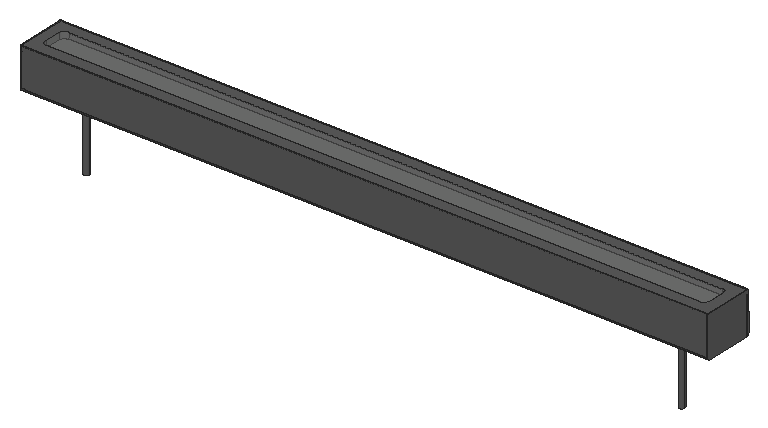
Revit family "Lighting_Linear_LED_StarTek_HydroBeam1", category Lighting Fixtures, host Face, Revit 2019
Family settings
  Host = Face
  Round Connector Dimension = Use Diameter
  Part Type = Normal
  OmniClass Number = 23.80.70.11
  OmniClass Title = Luminaries for Internal Lighting
  Cut with Voids When Loaded = No
  Light Source = Yes
  Shared = No
  Room Calculation Point = No
Parameters (values of type "Not a type - Load Type Catalog!")
  z_Start End Stem [instance] = or(z_Standalone, z_Start)  # yes
  z_Start [instance] = Run Option = z_Option Start  # no
  z_Standalone [instance] = Run Option = z_Option Standalone  # yes
  z_Option Start = Run : Start Fixture
  z_Option Standalone = Run : Standalone Fixture
  z_Option Middle = Run : Middle Fixture
  z_Option End = Run : End Fixture
  z_Middle [instance] = Run Option = z_Option Middle  # no
  z_Length 8 = Length = 96.00"  # no
  z_Length 6 [instance] = or(Length = 72.00", Length = 48.00", and(Length < 48.00", or(z_Middle, z_End)))  # no
  z_End [instance] = Run Option = z_Option End  # no
  z_EC [instance] = z_Array No 04 = 3  # no
  z_Array No 04 [instance] = if(and(Emergency Circuit – End Fixture, z_End, Mounting = [SM(E)]), 3, 2)  # 2
  z_Array No 03 [instance] = if(z_Middle, 2, if(and(z_End, Emergency Circuit – End Fixture), 3, if(z_End, 2, 3)))  # 3
  Z_Sweep Length [instance] = if(Mounting = [SM(S)], 1.41", 1.00")  # 1.00"
  Z_Sweep Angle [instance] = if(Mounting = [SM(S)], 0.00°, 90.00°)  # 90.00°
  Z_Connector Position V [instance] = if(Mounting = [SM(S)], 1.80", 1.79")  # 1.79"
  Z_Array No 2 [instance] = if(or(Length = 60.00", (Mounting = [SM(E)])), 3, 2)  # 3
  Z_Array No [instance] = if(or(Length = 60.00", not(Mounting = [SM(E)])), 3, 2)  # 3
  Width = 4.39844"  # constant formula
  Weight = 0.00 lbf
  Wattage Comments = "Efficacy up to 125 lm/W"
  Wattage = 28.9855 W
  Wall postion [instance] = 0.60"  # constant formula
  Wall [instance] = 0 = 1  # no
  Voltage Range = "120-277V"  # constant formula
  built-in parameter 1150110 = 1 (stored number, unit not read)
  Voltage = 120 V
  URL = "https://starteklightingamerica.com/hydro-beam/"
  Type Comments = "Linear Lighting Fixture"  # constant formula
  built-in parameter 1114217 = 1 (stored number, unit not read)
  Tilt Angle [instance] = 90.00°  # constant formula
  built-in parameter 1150109 = 1 (stored number, unit not read)
  built-in parameter 1150134 = (empty or 0)
  built-in parameter 1150113 = 1 (stored number, unit not read)
  SME [instance] = if(Mounting = [SM(E)], 1 < 2, 2 < 1)  # no
  SM(T) = Surface Mounting : Surface Mount (Top-fed power) - SM(T)
  SM(S) = Surface Mounting : Surface Mount (Side-fed power) - SM(S)
  SM(E) = Surface Mounting : Surface Mount (End-fed power) - SM(E)
  Run Option [instance] = Run : Standalone Fixture
  Product data url = "https://www.bimobject.com/startek-lighting/product/hydrobeam"
  Product Material [instance] = StarTek Lighting - Aluminum - Powder Coat Black
  Power Factor = 0.93
  Photometric Web File = "Generic Light Source Shown : Please download and link the IES file that best matches your fixture specification"
  Photometric Note = "Import IES files https://starteklightingamerica.com/"  # constant formula
  Phase = 1
  Number of Poles = 1
  Mounting [instance] = Rigid Stem (RS) : 6"
  Mount Finish Note [instance] = "Rigid stem mount can be ordered in white (RSW) or black (RSB)"  # constant formula
  Mount Finish [instance] = StarTek Lighting - Aluminum - Powder Coat Black
  Model = ""
  Mep Distance Y [instance] = if(Ceiling, 0.00", 1.80078")  # 0.00"
  Manufacturer = "StarTek Lighting"  # constant formula
  Pendant distance [instance] = Length / 2 - 4.00"  # 26.00"
  MEP Distance [instance] = if(and(z_End, Length < 96.00"), Length / 2, if(Wall, Length / 2, if(or(Mounting = [SM(T)], Mounting = [SM(S)], Mounting = [SM(E)]), Length / 2, if(and(z_End, Length = 96.00"), Length / 3, Length - 4.00"))))  # 56.00"
  built-in parameter 1150105 = 318.31 (stored number, unit not read)
  Lumens = 4000 lm
  built-in parameter 1150115 = 1 (stored number, unit not read)
  Light Position [instance] = if(or(Mounting = [SM(T)], Mounting = [SM(E)], Mounting = [SM(S)]), 3.60", Tube length parameter + 3.60")  # 9.60"
  built-in parameter 1150137 = (empty or 0)
  built-in parameter 1150139 = (empty or 0)
  Length = 60.00"
  built-in parameter 1150112 = 1 (stored number, unit not read)
  built-in parameter 1150114 = 1 (stored number, unit not read)
  Lamp = "LED"  # constant formula
  Keynote = "16500"  # constant formula
  Input Wattage = 36 W
  built-in parameter 1150132 = 2
  built-in parameter 1150102 = (empty or 0)
  built-in parameter 1150107 = 3500 (stored number, unit not read)
  built-in parameter 1150138 = (empty or 0)
  built-in parameter 1150106 = 3.1831 (stored number, unit not read)
  Height = 3.60156"  # constant formula
  Frequency = 60 Hz
  Emergency Circuit – End Fixture [instance] = no
  Distribution = "SD"
  Description = "HydroBeam"  # constant formula
  Emit from Rectangle Width [instance] = 4.00"  # constant formula
  Emit from Rectangle Length [instance] = Length  # 60.00"
  Emit Shape Visible in Rendering = 2 < 1  # no
  built-in parameter 1150104 = 12.821 (stored number, unit not read)
  Dimming Lamp Color Temperature Shift = <None>
  Default Elevation = 48.00"
  Tube length parameter [instance] = if(Mounting = B6, 6.00", if(Mounting = B8, 8.00", if(Mounting = B9, 9.00", if(Mounting = B12, 12.00", if(Mounting = B15, 15.00", if(Mounting = B18, 18.00", if(Mounting = B21, 21.00", if(Mounting = B24, 24.00", if(Mounting = B27, 27.00", if(Mounting = B30, 30.00", if(Mounting = B36, 36.00", if(Mounting = B42, 42.00", if(Mounting = B48, 48.00", if(Mounting = B54, 54.00", if(Mounting = B60, 60.00", if(Mounting = B66, 66.00", if(Mounting = B72, 72.00", if(Mounting = B78, 78.00", if(Mounting = B84, 84.00", if(Mounting = B90, 90.00", if(Mounting = B96, 96.00", if(or(Mounting = [SM(T)], Mounting = [SM(E)], Mounting = [SM(S)]), 0.00", 10.00"))))))))))))))))))))))  # 6.00"
  Color Filter = 16777215
  Color [instance] = "Available options: Powder Coat White (PW), Powder Coat Black (PB), Powder Coat Bronze (PBR), Powder Coat Other (PBO)"  # constant formula
  Ceiling [instance] = 0 = 0  # yes
  CRI = "80"
  built-in parameter 1114218 = 1 (stored number, unit not read)
  B96 = Rigid Stem (RS) : 96"
  B90 = Rigid Stem (RS) : 90"
  B9 = Rigid Stem (RS) : 9"
  B84 = Rigid Stem (RS) : 84"
  B8 = Rigid Stem (RS) : 8"
  B78 = Rigid Stem (RS) : 78"
  B72 = Rigid Stem (RS) : 72"
  B66 = Rigid Stem (RS) : 66"
  B60 = Rigid Stem (RS) : 60"
  B6 = Rigid Stem (RS) : 6"
  B54 = Rigid Stem (RS) : 54"
  B48 = Rigid Stem (RS) : 48"
  B42 = Rigid Stem (RS) : 42"
  B36 = Rigid Stem (RS) : 36"
  B30 = Rigid Stem (RS) : 30"
  B27 = Rigid Stem (RS) : 27"
  B24 = Rigid Stem (RS) : 24"
  B21 = Rigid Stem (RS) : 21"
  B18 = Rigid Stem (RS) : 18"
  B15 = Rigid Stem (RS) : 15"
  B12 = Rigid Stem (RS) : 12"
  built-in parameter 1150133 = 10 (stored number, unit not read)
  Assembly Code = "D5020200"
  Apparent Load = Input Wattage / (Number of Poles * Power Factor)  # 38.7097 VA
Reference planes (in)
  plane 1 "Center (Front/Back)": y = 0
  plane 2: z = 0
  plane 3 "Center (Left/Right)": x = 0
  plane 4 "Lighting": z = 6
  plane 5: x = -26
  plane 6: z = 9.6
  plane 7: x = 26
  plane 8: z = 0.6
  plane 9 "Lighting Y": y = 3.59976
  plane 10: z = 1.6
  plane 11: y = 4.34976
  plane 12: y = -0.75
  plane 13: x = -9.5
  plane 14: x = -8
  plane 15: x = 9.5
  plane 16: x = 8
  plane 17 "mep": x = -31
  plane 18 "mep y": y = 0
  plane 19: z = 1.79
  plane 20: z = 7.8
  plane 21: x = -30
  plane 22: x = 30
  plane 23 "add 1": x = 2
  plane 24 "add 2": x = -2
  plane 25: x = -26
  plane 26: z = 1.8
Forms (in)
  Sweep 1, solid, not visible
    path origin (0, 0, 0) x (0, 1, 0) y (0, 0, 1)
      loop
        line (0, 1.79) -> (0, 0.79)
    profile origin (0, 0, 1.29) x (1, 0, 0) y (0, 1, 0)
      loop
        circle (-26, 0) r 0.6
Lines and regions (in)
  Masking region 1, not visible
    outline origin (0, 0, 0) x (1, 0, 0) y (0, 0, 1)
      loop
        line (-9.5, 0.6) -> (-9.5, 0) -> (9.5, 0) -> (9.5, 0.6) -> (8, 0.6) -> (8, 1.6) -> (-8, 1.6) -> (-8, 0.6) -> (-9.5, 0.6)
  Masking region 2, not visible
    outline origin (0, 0, 0) x (1, 0, 0) y (0, 0, 1)
      loop
        line (-26.53147, 0.6) -> (-26.53147, 0) -> (26.53147, 0) -> (26.53147, 0.6) -> (-26.53147, 0.6)
Dimensions and locks (in)
  "Tube length parameter": plane 4 "Lighting" to plane 2
  "Pendant distance": plane 3 "Center (Left/Right)" to plane 5
  plane 4 "Lighting" to level = 6.00"
  "Light Position": plane 6 to plane 2
  "Pendant distance": plane 3 "Center (Left/Right)" to plane 7
  locked: plane 9 "Lighting Y" to plane 1 "Center (Front/Back)" at 3.59976
  "Wall postion": plane 8 to plane 2
  locked: plane 10 to plane 2 at 1.6
  locked: plane 13 to plane 14 at 1.5
  locked: plane 15 to plane 16 at 1.5
  equal spacing: plane 13, plane 3 "Center (Left/Right)", plane 15
  "Mep Distance Y": plane 18 "mep y" to plane 1 "Center (Front/Back)"
  "Z_Connector Position V": plane 19 to plane 2
  "Z_Sweep Length": Sweep 1 sketch curve to Sweep 1 sketch curve
  plane 20 to plane 4 "Lighting" = 1.80"
  locked: plane 5 to Masking region 2 sketch curve at 0.53147
  locked: plane 7 to Masking region 2 sketch curve at 0.53147
  equal spacing: plane 21, plane 3 "Center (Left/Right)", plane 22
  "Length": plane 21 to plane 22
  locked: plane 21 to plane 23 "add 1" at 32
  locked: plane 24 "add 2" to plane 22 at 32
  "MEP Distance": Sweep 1 sketch curve to plane 22
  equal spacing: group 1, group 2, group 3  (x3)
  "MEP Distance": plane 22 to plane 25
  locked: plane 25 to plane 17 "mep" at 5
  plane 26 to plane 2 = 1.80"
  "Z_Sweep Angle": angle Sweep 1 sketch curve to plane 19
  aligned and locked: plane 2 to host face
  aligned and locked: level to host face
  aligned and locked: plane 1 "Center (Front/Back)" to nested 3
  aligned and locked: imposter light to plane 6
  aligned and locked: plane 5 to nested 2
  aligned and locked: nested 1 to plane 7
  aligned and locked: plane 3 "Center (Left/Right)" to nested 3
  aligned and locked: plane 19 to Sweep 1 sketch curve
  aligned and locked: plane 18 "mep y" to Sweep 1 sketch curve
  aligned and locked: nested 4 to plane 17 "mep"
  aligned and locked: Masking region 1 sketch curve to plane 13
  aligned and locked: plane 14 to Masking region 1 sketch curve
  aligned and locked: plane 15 to Masking region 1 sketch curve
  aligned and locked: Masking region 1 sketch curve to plane 16
  aligned and locked: Masking region 1 sketch curve to plane 10
  aligned and locked: Masking region 1 sketch curve to plane 8
  aligned and locked: plane 8 to Masking region 1 sketch curve
  aligned and locked: Masking region 1 sketch curve to plane 2
  aligned and locked: plane 24 "add 2" to nested 5
  aligned and locked: plane 23 "add 1" to nested 6
  aligned and locked: plane 1 "Center (Front/Back)" to nested 2
  aligned and locked: plane 1 "Center (Front/Back)" to nested 5
  aligned and locked: plane 1 "Center (Front/Back)" to nested 6
  aligned and locked: plane 1 "Center (Front/Back)" to nested 1
  aligned and locked: plane 3 "Center (Left/Right)" to nested 7
  aligned and locked: nested 9 to plane 25
  aligned and locked: plane 1 "Center (Front/Back)" to imposter light
  aligned and locked: plane 3 "Center (Left/Right)" to imposter light
Automatic sketch dimensions
  host sketch curve to host sketch curve = 73.66986"
  host sketch curve to host sketch curve = 97.5302"
  Masking region 2 sketch curve to level = 0.00"
  Masking region 2 sketch curve to plane 8 = 0.00"
  profile plane to Sweep 1 sketch curve = 0.00"
  radius of Sweep 1 sketch curve = 0.60"
Nested families (in)
  nested 1: "Rigid Stem (RS)" at (26, 0, 0), type <- "Mounting", visible <- "z_Start End Stem", type "6""
    with Tube length 6.00"
  nested 2: "Rigid Stem (RS)" at (-26, 0, 0), type <- "Mounting", visible <- "z_Start End Stem", type "6""
    with Tube length 6.00"
  nested 3: "Run" at (0, 0, 6), visible <- "Ceiling", type "Standalone Fixture"
    with z_Right Cap yes, z_Left Cap yes, Wall no, Ceiling yes, Length 60.00"
  nested 4: "Connector" at (-31, 0, 1.79) x (-1, 0, 0) z (0, 0, 1), Length <- "Length", SME <- "SME", C <- "Z_Sweep Length", Emergency Circuit <- "z_EC", type "Connector"
    with SME no, Length 60.00", Emergency Circuit no, C 1.00", B 0.3937", Angle 270.00°, A 1.3937"
  nested 5: "Rigid Stem (RS)" at (-2, 0, 0), type <- "Mounting", visible <- "z_Length 8", type "6""
    with Tube length 6.00"
  nested 6: "Rigid Stem (RS)" at (2, 0, 0), type <- "Mounting", visible <- "z_Length 8", type "6""
    with Tube length 6.00"
  nested 7: "Rigid Stem (RS)" at (0, 0, 0), type <- "Mounting", visible <- "z_Length 6", type "6""
    with Tube length 6.00"
  nested 8: "Connector" at (-28.5, 0, 1.79) x (-1, 0, 0) z (0, 0, 1), Length <- "Length", SME <- "SME", C <- "Z_Sweep Length", Emergency Circuit <- "z_EC", type "Connector"
    with SME no, Length 60.00", Emergency Circuit no, C 1.00", B 0.3937", Angle 270.00°, A 1.3937"
  nested 9: "Connector" at (-26, 0, 1.79) x (-1, 0, 0) z (0, 0, 1), Length <- "Length", SME <- "SME", C <- "Z_Sweep Length", Emergency Circuit <- "z_EC", type "Connector"
    with SME no, Length 60.00", Emergency Circuit no, C 1.00", B 0.3937", Angle 270.00°, A 1.3937"
Connectors (in)
  electrical at (-26, 0, 0.0026), driven by "Number of Poles", driven by "Voltage", driven by "Apparent Load", driven by "Power Factor"
    settings: on nested 9, index 2, voltage 120 V, apparent load 38.7097 VA, apparent load phase1 0 VA, apparent load phase2 0 VA, apparent load phase3 0 VA, power factor 0.93, load classification "Other", number of poles 1, system type 30, power factor state 1, is connector primary yes, connector utility no, sub classification motor no, connector description "Power Supply"
Definition of nested family "Rigid Stem (RS)"
  Parameters (values of type "PMB-Black 12"")
    Default Elevation = 48.00"
    Tube material = none
    Tube length [instance] = 12.00"
    Canopy = yes
  Types (42): name | Tube length
    PMB-Black 96" | 96.00"
    PMB-Black 84" | 84.00"
    PMB-Black 72" | 72.00"
    PMB-Black 66" | 66.00"
    PMB-Black 60" | 60.00"
    PMB-Black 54" | 54.00"
    PMB-Black 48" | 48.00"
    PMB-Black 42" | 42.00"
    PMB-Black 36" | 36.00"
    PMB-Black 30" | 30.00"
    PMB-Black 27" | 27.00"
    PMB-Black 21" | 21.00"
    PMB-Black 18" | 18.00"
    PMB-Black 15" | 15.00"
    PMB-Black 12" | 12.00"
    PMB-Black 8" | 8.00"
    PMB-Black 6" | 6.00"
    PMW-White 6" | 8.00"
    PMW-White 8" | 8.00"
    PMW-White 12" | 12.00"
    PMW-White 15" | 15.00"
    PMW-White 18" | 18.00"
    PMW-White 21" | 21.00"
    PMW-White 27" | 27.00"
    PMW-White 30" | 30.00"
    PMW-White 36" | 36.00"
    PMW-White 42" | 42.00"
    PMW-White 48" | 48.00"
    PMW-White 54" | 54.00"
    PMW-White 60" | 60.00"
    PMW-White 66" | 66.00"
    PMW-White 72" | 72.00"
    PMW-White 84" | 84.00"
    PMW-White 96" | 96.00"
    PMB-Black 9" | 9.00"
    PMB-Black 24" | 24.00"
    PMB-Black 78" | 78.00"
    PMB-Black 90" | 90.00"
    PMW-White 9" | 9.00"
    PMW-White 24" | 24.00"
    PMW-White 78" | 78.00"
    PMW-White 90" | 90.00"
  Reference planes (in)
    plane 1 "Center (Front/Back)": y = 0
    plane 2: z = 0
    plane 3 "Center (Left/Right)": x = 0
    plane 4 "canopy plane": z = 12
  Forms (in)
    Extrusion 1, solid, material <- "Tube material"
      sketch origin (0, 0, 0) x (1, 0, 0) y (0, 1, 0)
        loop
          circle (0, 0) r 0.25
      from 0 to 12
    Extrusion 2, solid, material <- "Tube material", visible <- "Canopy", not visible
      sketch origin (0, 0, 36) x (-1, 0, 0) y (0, -1, 0)
        loop
          circle (0, 0) r 2.5
      from 0 to -0.19141
  Dimensions and locks (in)
    "Tube length": plane 4 "canopy plane" to plane 2
    diameter of Extrusion 1 sketch curve = 0.50"
    aligned and locked: plane 2 to level
    aligned and locked: plane 4 "canopy plane" to Extrusion 1
  Automatic sketch dimensions
    plane 1 "Center (Front/Back)" to Extrusion 1 sketch curve = 0.00"
    Extrusion 1 sketch curve to plane 3 "Center (Left/Right)" = 0.00"
    radius of Extrusion 2 sketch curve = 2.50"
Definition of nested family "Run"
  Parameters (values of type "Standalone Fixture")
    z_Start = no
    z_Standalone = not(or(z_Start, z_Middle, z_End))  # yes
    z_Right Cap [instance] = or(z_Standalone, z_End)  # yes
    z_Middle = no
    z_Left Cap [instance] = or(z_Standalone, z_Start)  # yes
    z_End = no
    Wall [instance] = yes
    Length = 48.00"
    Lamp Finish = none
    Default Elevation = 48.00"
    Ceiling [instance] = no
  Types (4): name
    Standalone Fixture
    End Fixture
    Middle Fixture
    Start Fixture
  Reference planes (in)
    plane 1 "Center (Front/Back)": y = 0
    plane 2: z = 0
    plane 3 "Center (Left/Right)": x = 0
    plane 4: x = -24
    plane 5: x = 24
  Forms (in)
    Extrusion 1, solid
      sketch origin (0, 0, 0) x (1, 0, 0) y (0, 1, 0)
        loop
          line (-48, 48) -> (-48, -48) -> (48, -48) -> (48, 48) -> (-48, 48)
      from 0 to -12
    Extrusion 2, solid, material <- "Lamp Finish", detail levels coarse
      sketch origin (0, 0, 0) x (0, 1, 0) y (0, 0, 1)
        loop
          line (-2.2, 3.59976) -> (-2.2, 0) -> (2.2, 0) -> (2.2, 3.59976) -> (-2.2, 3.59976)
      from -24 to 24
    Extrusion 3, solid, material <- "Lamp Finish", detail levels medium
      sketch origin (0, 0, 0) x (0, 1, 0) y (0, 0, 1)
        loop
          line (2.2, 3.59976) -> (-2.2, 3.59976) -> (-2.2, 0.2)
          arc (-2.2, 0.2) -> (-2.14142, 0.05858) -> (-2, 0) r 0.2
          line (-2, 0) -> (2, 0)
          arc (2, 0) -> (2.14142, 0.05858) -> (2.2, 0.2) r 0.2
          line (2.2, 0.2) -> (2.2, 3.59976)
      from -24 to 24
    Extrusion 4, solid, material <- "Lamp Finish", detail levels medium
      sketch origin (0, 0, 0) x (1, 0, 0) y (0, 1, 0)
        loop
          line (-23.95737, 2.175) -> (-23.95737, -2.175) -> (23.9737, -2.175) -> (23.9737, 2.175) -> (-23.95737, 2.175)
        loop
          arc (-23, -0.7) -> (-22.85355, -1.05355) -> (-22.5, -1.2) r 0.5
          line (-22.5, -1.2) -> (22.5, -1.2)
          arc (22.5, -1.2) -> (22.85355, -1.05355) -> (23, -0.7) r 0.5
          line (23, -0.7) -> (23, 0.7)
          arc (23, 0.7) -> (22.85355, 1.05355) -> (22.5, 1.2) r 0.5
          line (22.5, 1.2) -> (-22.5, 1.2)
          arc (-22.5, 1.2) -> (-22.85355, 1.05355) -> (-23, 0.7) r 0.5
          line (-23, 0.7) -> (-23, -0.7)
      from 3.09976 to 3.59976
    Extrusion 5, solid, detail levels medium+fine
      sketch origin (0, 0, 0) x (1, 0, 0) y (0, 1, 0)
        loop
          arc (-22.5, 1.2) -> (-22.85355, 1.05355) -> (-23, 0.7) r 0.5
          line (-23, 0.7) -> (-23, -0.7)
          arc (-23, -0.7) -> (-22.85355, -1.05355) -> (-22.5, -1.2) r 0.5
          line (-22.5, -1.2) -> (22.5, -1.2)
          arc (22.5, -1.2) -> (22.85355, -1.05355) -> (23, -0.7) r 0.5
          line (23, -0.7) -> (23, 0.7)
          arc (23, 0.7) -> (22.85355, 1.05355) -> (22.5, 1.2) r 0.5
          line (22.5, 1.2) -> (-22.5, 1.2)
      from 3.09976 to 3.59976
    Extrusion 6, void
      sketch origin (0, 0, 0) x (1, 0, 0) y (0, 1, 0)
        loop
          line (23.99074, 2.19219) -> (-23.99333, 2.19219) -> (-23.99333, -2.19219) -> (23.99074, -2.19219) -> (23.99074, 2.19219)
      from 3.09976 to 3.59976
    Extrusion 7, solid, material <- "Lamp Finish", detail levels fine
      sketch origin (0, 0, 0) x (1, 0, 0) y (0, 1, 0)
        loop
          line (-23.95737, 2.08125) -> (-23.95737, -2.08174)
          arc (-23.95737, -2.08174) -> (-23.93005, -2.14769) -> (-23.86411, -2.175) r 0.09326
          line (-23.86411, -2.175) -> (23.87995, -2.175)
          arc (23.87995, -2.175) -> (23.94624, -2.14754) -> (23.9737, -2.08125) r 0.09375
          line (23.9737, -2.08125) -> (23.9737, 2.08125)
          arc (23.9737, 2.08125) -> (23.94624, 2.14754) -> (23.87995, 2.175) r 0.09375
          line (23.87995, 2.175) -> (-23.86362, 2.175)
          arc (-23.86362, 2.175) -> (-23.92991, 2.14754) -> (-23.95737, 2.08125) r 0.09375
        loop
          arc (-23, -0.7) -> (-22.85355, -1.05355) -> (-22.5, -1.2) r 0.5
          line (-22.5, -1.2) -> (22.5, -1.2)
          arc (22.5, -1.2) -> (22.85355, -1.05355) -> (23, -0.7) r 0.5
          line (23, -0.7) -> (23, 0.7)
          arc (23, 0.7) -> (22.85355, 1.05355) -> (22.5, 1.2) r 0.5
          line (22.5, 1.2) -> (-22.5, 1.2)
          arc (-22.5, 1.2) -> (-22.85355, 1.05355) -> (-23, 0.7) r 0.5
          line (-23, 0.7) -> (-23, -0.7)
      from 3.09976 to 3.59976
    Extrusion 8, solid, material <- "Lamp Finish", detail levels fine
      sketch origin (0, 0, 0) x (0, 1, 0) y (0, 0, 1)
        loop
          line (2.2, 3.59976) -> (-2.2, 3.59976) -> (-2.2, 0.2)
          arc (-2.2, 0.2) -> (-2.14142, 0.05858) -> (-2, 0) r 0.2
          line (-2, 0) -> (2, 0)
          arc (2, 0) -> (2.14142, 0.05858) -> (2.2, 0.2) r 0.2
          line (2.2, 0.2) -> (2.2, 3.59976)
      from -24 to 24
    Extrusion 9, void
      sketch origin (0, 0, 0) x (1, 0, 0) y (0, 1, 0)
        loop
          arc (-23.90625, 2.2) -> (-23.97254, 2.17254) -> (-24, 2.10625) r 0.09375
          line (-24, 2.10625) -> (-24, -2.10625)
          arc (-24, -2.10625) -> (-23.97254, -2.17254) -> (-23.90625, -2.2) r 0.09375
          line (-23.90625, -2.2) -> (23.90625, -2.2)
          arc (23.90625, -2.2) -> (23.97254, -2.17254) -> (24, -2.10625) r 0.09375
          line (24, -2.10625) -> (24, 2.10625)
          arc (24, 2.10625) -> (23.97254, 2.17254) -> (23.90625, 2.2) r 0.09375
          line (23.90625, 2.2) -> (-23.90625, 2.2)
        loop
          line (-24.45438, 2.52395) -> (-24.45438, -2.47605) -> (24.54562, -2.47605) -> (24.54562, 2.52395) -> (-24.45438, 2.52395)
      from 0 to 4.88308
    Extrusion 10, void
      sketch origin (0, 0, 0) x (1, 0, 0) y (0, 1, 0)
        loop
          arc (-23.89958, 2.19219) -> (-23.96587, 2.16473) -> (-23.99333, 2.09844) r 0.09375
          line (-23.99333, 2.09844) -> (-23.99333, -2.09893)
          arc (-23.99333, -2.09893) -> (-23.96602, -2.16487) -> (-23.90007, -2.19219) r 0.09326
          line (-23.90007, -2.19219) -> (23.89699, -2.19219)
          arc (23.89699, -2.19219) -> (23.96328, -2.16473) -> (23.99074, -2.09844) r 0.09375
          line (23.99074, -2.09844) -> (23.99074, 2.09844)
          arc (23.99074, 2.09844) -> (23.96328, 2.16473) -> (23.89699, 2.19219) r 0.09375
          line (23.89699, 2.19219) -> (-23.89958, 2.19219)
      from 3.09976 to 5.66778
    Extrusion 11, solid, material <- "Lamp Finish", visible <- "z_Left Cap", detail levels medium+fine
      sketch origin (-24, 60, 48) x (0, 1, 0) y (0, 0, 1)
        loop
          line (-57.8, -47.8) -> (-57.8, -44.40024) -> (-62.2, -44.40024) -> (-62.2, -47.8)
          arc (-62.2, -47.8) -> (-62.14142, -47.94142) -> (-62, -48) r 0.2
          line (-62, -48) -> (-58, -48)
          arc (-58, -48) -> (-57.85858, -47.94142) -> (-57.8, -47.8) r 0.2
      from 0 to -0.03125
    Extrusion 12, solid, material <- "Lamp Finish", visible <- "z_Right Cap", detail levels medium+fine
      sketch origin (24, 60, 48) x (0, 1, 0) y (0, 0, 1)
        loop
          line (-57.8, -47.8) -> (-57.8, -44.40024) -> (-62.2, -44.40024) -> (-62.2, -47.8)
          arc (-62.2, -47.8) -> (-62.14142, -47.94142) -> (-62, -48) r 0.2
          line (-62, -48) -> (-58, -48)
          arc (-58, -48) -> (-57.85858, -47.94142) -> (-57.8, -47.8) r 0.2
      from 0 to 0.03125
  Cuts and joins
    Extrusion 6 cuts Extrusion 3
    Extrusion 9, Extrusion 10 cuts Extrusion 8
  Lines and regions (in)
    Masking region 1
      outline origin (0, 0, 0) x (1, 0, 0) y (0, 1, 0)
        loop
          line (-24, 2.2) -> (-24, -2.2) -> (24, -2.2) -> (24, 2.2) -> (-24, 2.2)
    Masking region 2, detail levels medium+fine
      outline origin (0, 0, 0) x (1, 0, 0) y (0, 1, 0)
        loop
          line (-22.5, -1.2) -> (22.5, -1.2)
          arc (22.5, -1.2) -> (22.85355, -1.05355) -> (23, -0.7) r 0.5
          line (23, -0.7) -> (23, 0.7)
          arc (23, 0.7) -> (22.85355, 1.05355) -> (22.5, 1.2) r 0.5
          line (22.5, 1.2) -> (-22.5, 1.2)
          arc (-22.5, 1.2) -> (-22.85355, 1.05355) -> (-23, 0.7) r 0.5
          line (-23, 0.7) -> (-23, -0.7)
          arc (-23, -0.7) -> (-22.85355, -1.05355) -> (-22.5, -1.2) r 0.5
    Masking region 3, visible <- "z_Left Cap", detail levels medium+fine
      outline origin (0, 0, 0) x (1, 0, 0) y (0, 1, 0)
        loop
          line (-24.03125, 2.2) -> (-24.03125, -2.2) -> (-24, -2.2) -> (-24, 2.2) -> (-24.03125, 2.2)
    Masking region 4, visible <- "z_Right Cap", detail levels medium+fine
      outline origin (0, 0, 0) x (1, 0, 0) y (0, 1, 0)
        loop
          line (24.03125, 2.2) -> (24, 2.2) -> (24, -2.2) -> (24.03125, -2.2) -> (24.03125, 2.2)
  Dimensions and locks (in)
    equal spacing: plane 4, plane 3 "Center (Left/Right)", plane 5
    "Length": plane 4 to plane 5
    locked: plane 4 to Extrusion 7 sketch curve at 0.04263
    locked: Extrusion 7 sketch curve to plane 5 at 0.0263
    locked: plane 4 to Extrusion 7 sketch curve at 1
    locked: Extrusion 7 sketch curve to plane 5 at 1
    locked: plane 4 to Extrusion 5 sketch curve at 1
    locked: Extrusion 5 sketch curve to plane 5 at 1
    locked: plane 4 to Extrusion 4 sketch curve at 0.04263
    locked: Extrusion 4 sketch curve to plane 5 at 0.0263
    locked: plane 4 to Extrusion 4 sketch curve at 1
    locked: Extrusion 4 sketch curve to plane 5 at 1
    locked: plane 4 to Extrusion 10 sketch curve at 0.00667
    locked: Extrusion 10 sketch curve to plane 5 at 0.00926
    locked: Extrusion 9 sketch curve to plane 4 at 0.45438
    locked: plane 5 to Extrusion 9 sketch curve at 0.54562
    locked: plane 4 to Extrusion 6 sketch curve at 0.00667
    locked: Extrusion 6 sketch curve to plane 5 at 0.00926
    locked: plane 4 to Masking region 2 sketch curve at 1
    Masking region 2 sketch curve to plane 5 = 1.00"
    aligned and locked: plane 2 to Extrusion 1
    aligned and locked: level to Extrusion 1
    aligned and locked: plane 4 to Extrusion 9 sketch curve
    aligned and locked: Extrusion 9 sketch curve to plane 5
    aligned and locked: plane 5 to Extrusion 2
    aligned and locked: Extrusion 2 to plane 4
    aligned and locked: plane 4 to Extrusion 2
    aligned and locked: Extrusion 2 to plane 5
    aligned and locked: cut or joined group of Extrusion 8, Extrusion 9, Extrusion 10 to plane 4
    aligned and locked: plane 5 to cut or joined group of Extrusion 8, Extrusion 9, Extrusion 10
    aligned and locked: plane 5 to cut or joined group of Extrusion 3, Extrusion 6
    aligned and locked: cut or joined group of Extrusion 3, Extrusion 6 to plane 4
    aligned and locked: plane 4 to Masking region 1 sketch curve
    aligned and locked: Masking region 1 sketch curve to plane 5
    aligned and locked: Masking region 3 sketch curve to Extrusion 11
    aligned and locked: Extrusion 11 to Masking region 3 sketch curve  (x2)
    aligned and locked: Masking region 3 sketch curve to plane 4
    aligned and locked: Masking region 4 sketch curve to Extrusion 12  (x3)
    aligned and locked: Masking region 4 sketch curve to plane 5
  Automatic sketch dimensions
    Extrusion 1 sketch curve to Extrusion 1 sketch curve = 96.00"  (x2)
    Extrusion 2 sketch curve to level = 0.00"
    plane 1 "Center (Front/Back)" to Extrusion 2 sketch curve = 2.20"
    Extrusion 2 sketch curve to plane 1 "Center (Front/Back)" = 2.20"
    level to Extrusion 2 sketch curve = 3.59976"
    Extrusion 3 sketch curve to level = 0.00"
    plane 1 "Center (Front/Back)" to Extrusion 3 sketch curve = 2.20"
    Extrusion 3 sketch curve to Extrusion 3 sketch curve = 0.20"
    level to Extrusion 3 sketch curve = 0.20"
    Extrusion 3 sketch curve to plane 1 "Center (Front/Back)" = 2.00"
    Extrusion 3 sketch curve to Extrusion 3 sketch curve = 3.39976"
    Extrusion 4 sketch curve to Extrusion 4 sketch curve = 0.50"  (x4)
    plane 1 "Center (Front/Back)" to Extrusion 4 sketch curve = 2.175"
    plane 1 "Center (Front/Back)" to Extrusion 4 sketch curve = 1.20"
    Extrusion 4 sketch curve to plane 1 "Center (Front/Back)" = 0.70"
    Extrusion 4 sketch curve to Extrusion 4 sketch curve = 0.975"
    Extrusion 5 sketch curve to Extrusion 5 sketch curve = 0.50"  (x4)
    plane 1 "Center (Front/Back)" to Extrusion 5 sketch curve = 1.20"
    Extrusion 5 sketch curve to plane 1 "Center (Front/Back)" = 0.70"
    plane 1 "Center (Front/Back)" to Extrusion 6 sketch curve = 2.19219"
    Extrusion 6 sketch curve to plane 1 "Center (Front/Back)" = 2.19219"
    Extrusion 7 sketch curve to Extrusion 7 sketch curve = 0.09326"
    Extrusion 7 sketch curve to Extrusion 7 sketch curve = 0.09375"  (x2)
    Extrusion 7 sketch curve to Extrusion 7 sketch curve = 0.50"  (x4)
    Extrusion 7 sketch curve to plane 5 = 0.12005"
    plane 1 "Center (Front/Back)" to Extrusion 7 sketch curve = 2.175"
    plane 1 "Center (Front/Back)" to Extrusion 7 sketch curve = 1.20"
    Extrusion 7 sketch curve to plane 1 "Center (Front/Back)" = 0.70"
    Extrusion 7 sketch curve to Extrusion 7 sketch curve = 1.38125"
    Extrusion 8 sketch curve to level = 0.00"
    plane 1 "Center (Front/Back)" to Extrusion 8 sketch curve = 2.20"
    Extrusion 8 sketch curve to Extrusion 8 sketch curve = 0.20"
    level to Extrusion 8 sketch curve = 0.20"
    Extrusion 8 sketch curve to plane 1 "Center (Front/Back)" = 2.00"
    Extrusion 8 sketch curve to Extrusion 8 sketch curve = 3.39976"
    plane 4 to Extrusion 9 sketch curve = 0.09375"  (x2)
    Extrusion 9 sketch curve to plane 5 = 0.09375"  (x2)
    plane 1 "Center (Front/Back)" to Extrusion 9 sketch curve = 2.47605"
    Extrusion 9 sketch curve to Extrusion 9 sketch curve = 0.27605"
    Extrusion 9 sketch curve to plane 1 "Center (Front/Back)" = 2.10625"
    Extrusion 9 sketch curve to Extrusion 9 sketch curve = 0.4177"
    Extrusion 10 sketch curve to Extrusion 10 sketch curve = 0.09326"
    Extrusion 10 sketch curve to Extrusion 10 sketch curve = 0.09375"
    Extrusion 10 sketch curve to plane 5 = 0.10301"  (x2)
    plane 1 "Center (Front/Back)" to Extrusion 10 sketch curve = 2.19219"
    Extrusion 10 sketch curve to plane 1 "Center (Front/Back)" = 2.09844"
    plane 1 "Center (Front/Back)" to Masking region 1 sketch curve = 2.20"
    Masking region 1 sketch curve to plane 1 "Center (Front/Back)" = 2.20"
    Masking region 2 sketch curve to Masking region 2 sketch curve = 0.50"  (x4)
    plane 1 "Center (Front/Back)" to Masking region 2 sketch curve = 1.20"
    Masking region 2 sketch curve to plane 1 "Center (Front/Back)" = 0.70"
    Extrusion 11 sketch curve to level = 0.00"
    plane 1 "Center (Front/Back)" to Extrusion 11 sketch curve = 2.20"
    Extrusion 11 sketch curve to Extrusion 11 sketch curve = 0.20"
    level to Extrusion 11 sketch curve = 0.20"
    Extrusion 11 sketch curve to plane 1 "Center (Front/Back)" = 2.00"
    Extrusion 11 sketch curve to Extrusion 11 sketch curve = 3.39976"
    Extrusion 12 sketch curve to level = 0.00"
    plane 1 "Center (Front/Back)" to Extrusion 12 sketch curve = 2.20"
    level to Extrusion 12 sketch curve = 0.20"  (x2)
    Extrusion 12 sketch curve to plane 1 "Center (Front/Back)" = 2.00"
    Extrusion 12 sketch curve to Extrusion 12 sketch curve = 3.39976"
Definition of nested family "Connector"
  Parameters (values of type "Connector")
    SME [instance] = yes
    Length [instance] = 96.00"
    Emergency Circuit [instance] = yes
    Default Elevation = 48.00"
    C [instance] = 0.3937"
    B [instance] = if(SME, 0.00", 0.3937")  # 0.00"
    Angle [instance] = if(Emergency Circuit, 180.00°, if(SME, 0.00°, 270.00°))  # 180.00°
    A [instance] = if(SME, Length / 2, C + B)  # 48.00"
  Reference planes (in)
    plane 1 "Center (Front/Back)": y = 0
    plane 2: z = 0
    plane 3 "Center (Left/Right)": x = 0
  Forms (in)
    Extrusion 1, solid
      sketch origin (0, 0, 0) x (1, 0, 0) y (0, 1, 0)
        loop
          line (-48, 48) -> (-48, -48) -> (48, -48) -> (48, 48) -> (-48, 48)
      from 0 to -12
    Sweep 2, solid, not visible
      path origin (0, 0, 0) x (1, 0, 0) y (0, 0, 1)
        loop
          line (0, 0) -> (-48, 0)
      profile origin (-24, 0, 0) x (0, 0, -1) y (0, -1, 0)
        loop
          circle (0, 0) r 0.3937
  Dimensions and locks (in)
    "B": plane 2 to Sweep 2 sketch curve
    "A": Sweep 2 sketch curve to Sweep 2 sketch curve
    "Angle": angle plane 2 to Sweep 2 sketch curve
    aligned and locked: plane 2 to Extrusion 1
    aligned and locked: level to Extrusion 1
    aligned and locked: plane 3 "Center (Left/Right)" to Sweep 2 sketch curve
  Automatic sketch dimensions
    Extrusion 1 sketch curve to Extrusion 1 sketch curve = 96.00"  (x2)
    Sweep 2 sketch curve to plane 1 "Center (Front/Back)" = 0.00"
    profile plane to Sweep 2 sketch curve = 0.00"
    radius of Sweep 2 sketch curve = 0.3937"
